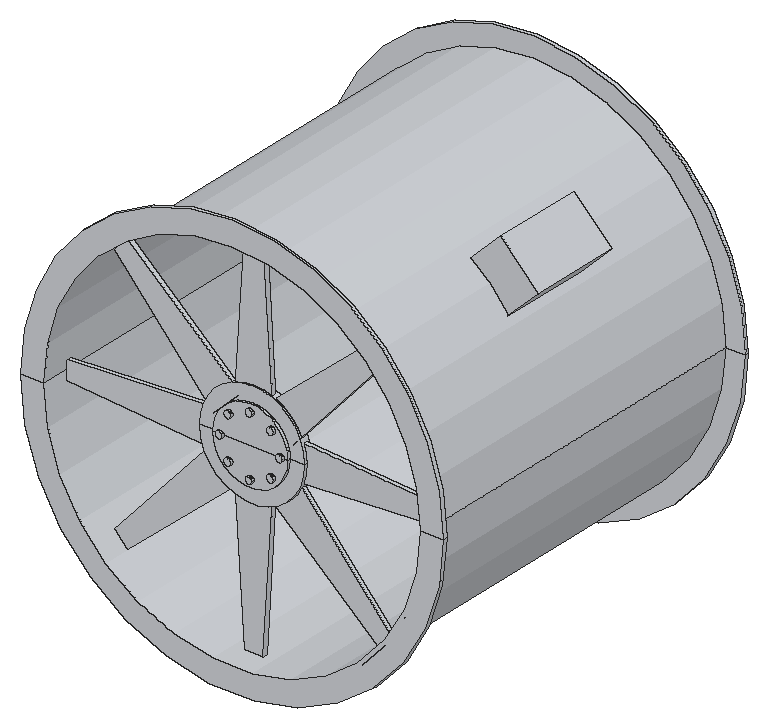
Revit family "CADS_Vent-Axia_MechEquip_Fan_LCA_560_3Ph2P - EXTRACT", category Mechanical Equipment, Revit 2020
Family settings
  Round Connector Dimension = Use Diameter
  Part Type = Normal
  OmniClass Number = 23.75.00.00
  OmniClass Title = Climate Control (HVAC)
  Work Plane-Based = No
  Always vertical = Yes
  Cut with Voids When Loaded = No
  Shared = No
  Room Calculation Point = No
Parameters (values of type "LCA563210")
  nr = NominalDiameter / 2  # 280 mm
  WorkingPressure = 0.0 Pa
  WarrantyStartDate [instance] = "1900-12-31T23:59:59"
  WarrantyPeriod = ""
  WarrantyIdentifier = "N/A"
  WarrantyGuarantorParts = "tech@vent-axia.com"
  WarrantyGuarantorLabor = "tech@vent-axia.com"
  WarrantyGuarantor = "Vent-Axia Limited"
  WarrantyEndDate [instance] = "1900-12-31T23:59:59"
  WarrantyContent = ""
  TemperatureRange = ""
  TagNumber [instance] = "N/A"
  SustainabilityPerformance = ""
  Status = "New"
  Size = ""
  Shape = ""
  ServiceLifeType = ""
  ServiceLifeDuration = ""
  SerialNumber [instance] = "N/A"
  ReplacementCost = ""
  RatedVoltage = 0 V
  RatedCurrent = 0 A
  Quantity = 1
  ProductionYear = ""
  PressureCurve = ""
  PowerFactor = ""
  PointOfContact = ""
  NumberOfPoles = 0
  NominalWidth = 560 mm
  NominalLength = 565 mm
  NominalHeight = 560 mm
  NominalFrequencyRange = ""
  NominalDiameter = 560 mm
  ModelReference = "LCAX 560mm 3PH 2P 10DEG"
  ModelNumber = "LCA563210"
  Material = ""
  ManufacturerE-Mail = "tech@vent-axia.com"
  ManufacturerAddress = "Fleming Way\nCrawley \nRH10 9YX"
  IsExtendedWarranty = no
  InsulationStandardClass = ""
  InstallationDate [instance] = "1900-12-31T23:59:59"
  IfcExportType [instance] = ""
  IfcExportAs = "IfcFanType"
  IP_Code = ""
  HasProtectiveEarth = no
  GrossWeight = 0.00 kg
  Grade = ""
  GlobalTradeItemNumber [instance] = "N/A"
  Fitting Type = "Ignore"
  Finish = ""
  Features = ""
  ExteriorInsulation = no
  ExpectedServiceLife = 0
  Exclusions = ""
  DurationUnit = "Year"
  Default Elevation = 0 mm
  Constituents = ""
  ConductorFunction = ""
  Color = ""
  CodePerformance = ""
  Category = ""
  CADS_Usage = 0
  CADS_Index = 0
  AssetType = "FIXED"
  AssetIdentifier [instance] = "N/A"
  AssemblyPlace = "UNKNOWN"
  ArticleNumber [instance] = "N/A"
  AirflowRateRange = 0.0 L/s
  Air Flow [instance] = 0.0 L/s
  AccessibilityPerformance = ""
Types (8, lengths in mm): name | ModelReference | ModelNumber
  LCA563210 | "LCAX 560mm 3PH 2P 10DEG" | "LCA563210"
  LCA563212 | "LCAX 560mm 3PH 2P 12DEG" | "LCA563212"
  LCA563214 | "LCAX 560mm 3PH 2P 14DEG" | "LCA563214"
  LCA563216 | "LCAX 560mm 3PH 2P 16DEG" | "LCA563216"
  LCA563218 | "LCAX 560mm 3PH 2P 18DEG" | "LCA563218"
  LCA563220 | "LCAX 560mm 3PH 2P 20DEG" | "LCA563220"
  LCA563222 | "LCAX 560mm 3PH 2P 22DEG" | "LCA563222"
  LCA563224 | "LCAX 560mm 3PH 2P 24DEG" | "LCA563224"
Reference planes
  plane 1 "Center (Front/Back)": y = 0
  plane 2: z = 0
  plane 3 "Center (Left/Right)": x = 0
  plane 4: x = -280
  plane 5: x = 280
  plane 6 "F": y = -282.5
  plane 7 "B": y = 282.5
  plane 8: x = -315
  plane 9: y = 277.5
  plane 10: y = -277.5
  plane 11: x = -285
  plane 12: y = -242.5
  plane 13 "top": z = 280
  plane 14: z = -280
  plane 15 "45deg": through (0, -1524, 0) normal (-0.7071, 0, -0.7071)
  plane 16 "C": through (0, -1524, 0) normal (-0.7071, 0, 0.7071)
Forms (mm)
  Revolve 1, solid
    sketch origin (0, 0, 0) x (1, 0, 0) y (0, 1, 0)
      loop
        line (-315, -282.5) -> (-280, -282.5) -> (-280, 282.5) -> (-315, 282.5) -> (-315, 277.5) -> (-285, 277.5) -> (-285, -277.5) -> (-315, -277.5) -> (-315, -282.5)
      axis (0, 282.5) -> (0, -282.5)
    angle from 0 to 360
  Sweep 2, solid
    path origin (0, 0, 0) x (1, 0, 0) y (0, 0, 1)
      loop
        line (197.99, 197.99) -> (243.952, 243.952)
    profile origin (220.971, 0, 220.971) x (-0.707107, 0, 0.707107) y (0, -1, 0)
      loop
        line (37.5, 55) -> (-42.73, 55) -> (-42.73, -79.5) -> (37.5, -79.5) -> (37.5, 55)
Dimensions and locks
  equal spacing: plane 4, plane 3 "Center (Left/Right)", plane 5
  equal spacing: plane 7 "B", plane 1 "Center (Front/Back)", plane 6 "F"
  "NominalLength": plane 7 "B" to plane 6 "F"
  "NominalDiameter": plane 4 to plane 5
  locked: plane 11 to plane 4 at 5
  locked: plane 8 to plane 11 at 30
  locked: plane 6 "F" to plane 10 at 5
  locked: plane 7 "B" to plane 9 at 5
  locked: plane 6 "F" to plane 12 at 40
  equal spacing: plane 13 "top", level, plane 14
  "NominalDiameter": plane 13 "top" to plane 14
  "nr": Sweep 2 sketch curve to nested 13
  Sweep 2 sketch curve to Sweep 2 sketch curve = 65 mm
  aligned and locked: level to plane 2
  aligned and locked: nested 1 to plane 12
Automatic sketch dimensions
  plane 6 "F" to Revolve 1 sketch curve = 0 mm
  Revolve 1 sketch curve to plane 8 = 0 mm  (x2)
  plane 10 to Revolve 1 sketch curve = 0 mm
  Revolve 1 sketch curve to plane 11 = 0 mm
  Revolve 1 sketch curve to plane 4 = 0 mm
  Revolve 1 sketch curve to plane 3 "Center (Left/Right)" = 0 mm
  plane 1 "Center (Front/Back)" to Revolve 1 sketch curve = 0 mm
  Revolve 1 sketch curve to plane 9 = 0 mm
  Revolve 1 sketch curve to plane 7 "B" = 0 mm
  plane 6 "F" to Revolve 1 sketch curve = 115 mm
  plane 1 "Center (Front/Back)" to Sweep 2 sketch curve = 55 mm
  Sweep 2 sketch curve to profile plane = 37.5 mm
  Sweep 2 sketch curve to Sweep 2 sketch curve = 80.23 mm
  Sweep 2 sketch curve to Sweep 2 sketch curve = 134.5 mm
  Sweep 2 sketch curve to plane 16 "C" = 0 mm  (x2)
Nested families
  nested 1: "Fan for ESC" at (0, -242.5, 0), ND <- "NominalDiameter", type "Fan for ESC"
    with hub 56 mm, ND 560 mm, BoltPCD 44.8 mm, Bolt Count 8, B_Diam 10 mm
  nested 2: "Bolts" at (0, -251.672, -44.8) x (-1, 0, 0) z (0, 1, 0), type "Bolts"
    with bd 10 mm
  nested 3: "Bolts" at (-31.678, -251.672, -31.678) x (-0.7071, 0, 0.7071) z (0, 1, 0), type "Bolts"
    with bd 10 mm
  nested 4: "Bolts" at (-44.8, -251.672, 0) x (0, 0, 1) z (0, 1, 0), type "Bolts"
    with bd 10 mm
  nested 5: "Bolts" at (-31.678, -251.672, 31.678) x (0.7071, 0, 0.7071) z (0, 1, 0), type "Bolts"
    with bd 10 mm
  nested 6: "Bolts" at (31.678, -251.672, 31.678) x (0.7071, 0, -0.7071) z (0, 1, 0), type "Bolts"
    with bd 10 mm
  nested 7: "Bolts" at (0, -251.672, 44.8) x (1, 0, 0) z (0, 1, 0), type "Bolts"
    with bd 10 mm
  nested 8: "ESC Blade" at (0, -242.5, 0), type "ESC Blade"
    with a 20.00°, HR 56 mm, HD 112 mm, BT 28 mm, BR 224 mm, BH 40 mm, BD 560 mm, BB 56 mm
  nested 9: "ESC Blade" at (0, -242.5, 0) x (0.7071, 0, -0.7071) z (0.7071, 0, 0.7071), type "ESC Blade"
    with a 20.00°, HR 56 mm, HD 112 mm, BT 28 mm, BR 224 mm, BH 40 mm, BD 560 mm, BB 56 mm
  nested 10: "ESC Blade" at (0, -242.5, 0) x (0, 0, -1) z (1, 0, 0), type "ESC Blade"
    with a 20.00°, HR 56 mm, HD 112 mm, BT 28 mm, BR 224 mm, BH 40 mm, BD 560 mm, BB 56 mm
  nested 11: "ESC Blade" at (0, -242.5, 0) x (-0.7071, 0, -0.7071) z (0.7071, 0, -0.7071), type "ESC Blade"
    with a 20.00°, HR 56 mm, HD 112 mm, BT 28 mm, BR 224 mm, BH 40 mm, BD 560 mm, BB 56 mm
  nested 12: "ESC Blade" at (0, -242.5, 0) x (-1, 0, 0) z (0, 0, -1), type "ESC Blade"
    with a 20.00°, HR 56 mm, HD 112 mm, BT 28 mm, BR 224 mm, BH 40 mm, BD 560 mm, BB 56 mm
  nested 13: "ESC Blade" at (0, -242.5, 0) x (-0.7071, 0, -0.7071) z (-0.7071, 0, 0.7071), type "ESC Blade"
    with a 20.00°, HR 56 mm, HD 112 mm, BT 28 mm, BR 224 mm, BH 40 mm, BD 560 mm, BB 56 mm
  nested 14: "ESC Blade" at (0, -242.5, 0) x (0, 0, -1) z (-1, 0, 0), type "ESC Blade"
    with a 20.00°, HR 56 mm, HD 112 mm, BT 28 mm, BR 224 mm, BH 40 mm, BD 560 mm, BB 56 mm
  nested 15: "ESC Blade" at (0, -242.5, 0) x (0.7071, 0, -0.7071) z (-0.7071, 0, -0.7071), type "ESC Blade"
    with a 20.00°, HR 56 mm, HD 112 mm, BT 28 mm, BR 224 mm, BH 40 mm, BD 560 mm, BB 56 mm
  nested 16: "Bolts" at (44.8, -251.672, 0) x (0, 0, -1) z (0, 1, 0), type "Bolts"
    with bd 10 mm
  nested 17: "Bolts" at (31.678, -251.672, -31.678) x (-0.7071, 0, -0.7071) z (0, 1, 0), type "Bolts"
    with bd 10 mm
Connectors
  hvac at (0, -282.5, 0), driven by "NominalDiameter", driven by "Air Flow"
    settings: on Revolve 1, index 1, duct flow 0.0 L/s, flow factor 0, pres drop 0.0 Pa, loss coef 0, conn angle 0.00°, conn width 304.8 mm, conn height 304.8 mm, conn diameter 560 mm, duct sys type 2, conn prof type 0, flow config 0, flow direction 1, loss method 0, conn ref index -1, conn util no, is conn primary yes, conn desc ""
  hvac at (0, 282.5, 0), driven by "NominalDiameter", driven by "Air Flow"
    settings: on Revolve 1, index 2, duct flow 0.0 L/s, flow factor 0, pres drop 0.0 Pa, loss coef 0, conn angle 0.00°, conn width 304.8 mm, conn height 304.8 mm, conn diameter 560 mm, duct sys type 3, conn prof type 0, flow config 1, flow direction 2, loss method 0, conn ref index -1, conn util no, is conn primary no, conn desc ""
Definition of nested family "Fan for ESC"
  Parameters (values of type "Fan for ESC")
    hub [instance] = ND / 10  # 56.7 mm
    ND [instance] = 567 mm
    Model = "."
    Default Elevation = 0 mm
    BoltPCD [instance] = hub - (hub * 0.2)  # 45.36 mm
    Bolt Count [instance] = if(hub < 50 mm, 6, 8)  # 8
    B_Diam [instance] = if(hub < 50 mm, 5 mm, 10 mm)  # 10 mm
  Reference planes
    plane 1 "Center (Front/Back)": y = 0
    plane 2: z = 0
    plane 3 "Center (Left/Right)": x = 0
    plane 4 "back": y = 20
    plane 5 "bolts": y = -9.172
    plane 6 "B": z = 56.7
    plane 7: x = -79.287
    plane 8: x = -56.7
    plane 9 "hubface": y = -6.172
  Forms (mm)
    Revolve 1, solid
      sketch origin (0, 0, 0) x (1, 0, 0) y (0, 1, 0)
        loop
          line (0, 20) -> (-56.7, 20) -> (-56.7, 10.504) -> (-79.287, 10.504) -> (-79.287, -2.597) -> (-56.7, -2.597) -> (-56.7, -6.172) -> (0, -6.172) -> (0, 20)
        axis (0, 20) -> (0, -6.172)
      angle from 0 to 360
    Extrusion 2, solid, not visible
      sketch origin (0, -6.347, -4) x (-1, 0, 0) y (0, 0, 1)
        loop
          circle (0, 84) r 5
      from 0 to 3
  Lines and regions (mm)
    symbolic lines
      curve 1: circle (0, -9.172, 0) r 45.36 normal (0, 1, 0)
    model lines, not visible
      curve 2: line (0, -6.347, 85) -> (0, -6.347, 75)
  Dimensions and locks
    "hub": plane 6 "B" to plane 2
    "hub": nested 3 to plane 3 "Center (Left/Right)"
    "hub": nested 4 to plane 3 "Center (Left/Right)"
    "hub": nested 5 to plane 3 "Center (Left/Right)"
    "hub": plane 3 "Center (Left/Right)" to nested 6
    "hub": Revolve 1 sketch curve to Revolve 1 sketch curve
    "hub": plane 3 "Center (Left/Right)" to nested 7
    "hub": plane 3 "Center (Left/Right)" to nested 8
    "hub": plane 3 "Center (Left/Right)" to nested 9
    "hub": plane 8 to plane 3 "Center (Left/Right)"
    plane 7 to plane 8 = 22.587 mm
    diameter of Extrusion 2 sketch curve = 10 mm
    "BoltPCD": radius of curve 1
    "BoltPCD": radius of radial array
    aligned and locked: level to plane 2
    aligned and locked: plane 6 "B" to nested 1
  Automatic sketch dimensions
    Revolve 1 sketch curve to plane 7 = 0 mm
    Revolve 1 sketch curve to plane 8 = 0 mm  (x2)
    Revolve 1 sketch curve to plane 3 "Center (Left/Right)" = 0 mm
    Revolve 1 sketch curve to plane 9 "hubface" = 0 mm
    plane 4 "back" to Revolve 1 sketch curve = 0 mm
    plane 1 "Center (Front/Back)" to Revolve 1 sketch curve = 2.597 mm
    plane 4 "back" to Revolve 1 sketch curve = 9.496 mm
    Revolve 1 sketch curve to Revolve 1 sketch curve = 5 mm
    Revolve 1 sketch curve to plane 4 "back" = 45 mm
    curve 1 to level = 0 mm
    curve 1 to plane 3 "Center (Left/Right)" = 0 mm
  Nested families
    nested 1: "ESC Blade" at (0, 0, 0), BD <- "ND", HD <- "hub", type "ESC Blade"
      with a 20.00°, HR 56.7 mm, HD 113.4 mm, BT 28.35 mm, BR 226.8 mm, BH 40 mm, BD 567 mm, BB 56.7 mm
    nested 2: "ESC Blade" at (0, 0, 755), BD <- "ND", HD <- "hub", type "ESC Blade", not visible
      with a 20.00°, HR 56.7 mm, HD 113.4 mm, BT 28.35 mm, BR 226.8 mm, BH 40 mm, BD 567 mm, BB 56.7 mm
    nested 3: "ESC Blade" at (0, 0, 0) x (0.7071, 0, -0.7071) z (0.7071, 0, 0.7071), BD <- "ND", HD <- "hub", type "ESC Blade"
      with a 20.00°, HR 56.7 mm, HD 113.4 mm, BT 28.35 mm, BR 226.8 mm, BH 40 mm, BD 567 mm, BB 56.7 mm
    nested 4: "ESC Blade" at (0, 0, 0) x (0, 0, -1) z (1, 0, 0), BD <- "ND", HD <- "hub", type "ESC Blade"
      with a 20.00°, HR 56.7 mm, HD 113.4 mm, BT 28.35 mm, BR 226.8 mm, BH 40 mm, BD 567 mm, BB 56.7 mm
    nested 5: "ESC Blade" at (0, 0, 0) x (-0.7071, 0, -0.7071) z (0.7071, 0, -0.7071), BD <- "ND", HD <- "hub", type "ESC Blade"
      with a 20.00°, HR 56.7 mm, HD 113.4 mm, BT 28.35 mm, BR 226.8 mm, BH 40 mm, BD 567 mm, BB 56.7 mm
    nested 6: "ESC Blade" at (0, 0, 0) x (-1, 0, 0) z (0, 0, -1), BD <- "ND", HD <- "hub", type "ESC Blade"
      with a 20.00°, HR 56.7 mm, HD 113.4 mm, BT 28.35 mm, BR 226.8 mm, BH 40 mm, BD 567 mm, BB 56.7 mm
    nested 7: "ESC Blade" at (0, 0, 0) x (-0.7071, 0, -0.7071) z (-0.7071, 0, 0.7071), BD <- "ND", HD <- "hub", type "ESC Blade"
      with a 20.00°, HR 56.7 mm, HD 113.4 mm, BT 28.35 mm, BR 226.8 mm, BH 40 mm, BD 567 mm, BB 56.7 mm
    nested 8: "ESC Blade" at (0, 0, 0) x (0, 0, -1) z (-1, 0, 0), BD <- "ND", HD <- "hub", type "ESC Blade"
      with a 20.00°, HR 56.7 mm, HD 113.4 mm, BT 28.35 mm, BR 226.8 mm, BH 40 mm, BD 567 mm, BB 56.7 mm
    nested 9: "ESC Blade" at (0, 0, 0) x (0.7071, 0, -0.7071) z (-0.7071, 0, -0.7071), BD <- "ND", HD <- "hub", type "ESC Blade"
      with a 20.00°, HR 56.7 mm, HD 113.4 mm, BT 28.35 mm, BR 226.8 mm, BH 40 mm, BD 567 mm, BB 56.7 mm
    nested 10: "Bolts" at (0, -9.172, 45.36) x (1, 0, 0) z (0, 1, 0), bd <- "B_Diam", type "Bolts"
      with bd 10 mm
    nested 11: "Bolts" at (32.074, -9.172, 32.074) x (0.7071, 0, -0.7071) z (0, 1, 0), bd <- "B_Diam", type "Bolts"
      with bd 10 mm
    nested 12: "Bolts" at (-32.074, -9.172, 32.074) x (0.7071, 0, 0.7071) z (0, 1, 0), bd <- "B_Diam", type "Bolts"
      with bd 10 mm
    nested 13: "Bolts" at (-45.36, -9.172, 0) x (0, 0, 1) z (0, 1, 0), bd <- "B_Diam", type "Bolts"
      with bd 10 mm
    nested 14: "Bolts" at (-32.074, -9.172, -32.074) x (-0.7071, 0, 0.7071) z (0, 1, 0), bd <- "B_Diam", type "Bolts"
      with bd 10 mm
    nested 15: "Bolts" at (0, -9.172, -45.36) x (-1, 0, 0) z (0, 1, 0), bd <- "B_Diam", type "Bolts"
      with bd 10 mm
    nested 16: "Bolts" at (32.074, -9.172, -32.074) x (-0.7071, 0, -0.7071) z (0, 1, 0), bd <- "B_Diam", type "Bolts"
      with bd 10 mm
    nested 17: "Bolts" at (45.36, -9.172, 0) x (0, 0, -1) z (0, 1, 0), bd <- "B_Diam", type "Bolts"
      with bd 10 mm
  Definition of nested family "ESC Blade"
    Parameters (values of type "ESC Blade")
      a [instance] = 20.00°
      HR [instance] = HD / 2  # 30 mm
      HD [instance] = BD / 5  # 60 mm
      Default Elevation = 1219.2 mm
      BT [instance] = BD / 20  # 15 mm
      BR [instance] = (BD / 2) - HR  # 120 mm
      BH [instance] = 40 mm
      BD [instance] = 300 mm
      BB [instance] = BD / 10  # 30 mm
    Reference planes
      plane 1 "Center (Front/Back)": y = 0
      plane 2: z = 0
      plane 3 "Center (Left/Right)": x = 0
      plane 4 "Blade Bot": z = 30
      plane 5: x = -15
      plane 6: x = 15
      plane 7: x = -7.5
      plane 8: x = 7.5
    Forms (mm)
      Blend 1, solid
        base sketch origin (0, 0, 30) x (-1, 0, 0) y (0, -1, 0)
          loop
            line (15, 0) -> (-15, 0) -> (-15, -6) -> (15, -6) -> (15, 0)
        top sketch origin (0, 0, 30) x (-1, 0, 0) y (0, -1, 0)
          loop
            line (7.5, -6) -> (7.5, 0) -> (-7.5, 0) -> (-7.5, -6) -> (7.5, -6)
        from 0 to 120 <- "BR"
    Dimensions and locks
      "HR": plane 4 "Blade Bot" to level
      equal spacing: plane 8, plane 3 "Center (Left/Right)", plane 7
      "BT": plane 8 to plane 7
      equal spacing: plane 6, plane 3 "Center (Left/Right)", plane 5
      "BB": plane 6 to plane 5
      aligned and locked: level to plane 2
    Automatic sketch dimensions
      plane 1 "Center (Front/Back)" to Blend 1 sketch curve = 0 mm  (x2)
      Blend 1 sketch curve to plane 6 = 0 mm
      Blend 1 sketch curve to plane 5 = 0 mm
      Blend 1 sketch curve to plane 1 "Center (Front/Back)" = 6 mm  (x2)
      Blend 1 sketch curve to plane 8 = 0 mm
      Blend 1 sketch curve to plane 7 = 0 mm
  Definition of nested family "Bolts"
    Parameters
      bd [instance] = 10 mm
      Default Elevation = 1219.2 mm
    Reference planes
      plane 1 "Center (Front/Back)": y = 0
      plane 2: z = 0
      plane 3 "Center (Left/Right)": x = 0
    Forms (mm)
      Extrusion 1, solid
        sketch origin (0, 0, 0) x (1, 0, 0) y (0, 1, 0)
          loop
            line (-1219.2, 1219.2) -> (-1219.2, -1219.2) -> (1219.2, -1219.2) -> (1219.2, 1219.2) -> (-1219.2, 1219.2)
        from 0 to -304.8
      Extrusion 2, solid
        sketch origin (0, 0, 0) x (1, 0, 0) y (0, 1, 0)
          loop
            circle (0, 0) r 5
        from 0 to 3
    Dimensions and locks
      "bd": diameter of Extrusion 2 sketch curve
      aligned and locked: plane 2 to Extrusion 1
      aligned and locked: level to Extrusion 1
    Automatic sketch dimensions
      Extrusion 1 sketch curve to Extrusion 1 sketch curve = 2438.4 mm  (x2)
      plane 1 "Center (Front/Back)" to Extrusion 2 sketch curve = 0 mm
      Extrusion 2 sketch curve to plane 3 "Center (Left/Right)" = 0 mm
Definition of nested family "Bolts"
  Parameters
    bd [instance] = 10 mm
    Default Elevation = 1219.2 mm
  Reference planes
    plane 1 "Center (Front/Back)": y = 0
    plane 2: z = 0
    plane 3 "Center (Left/Right)": x = 0
  Forms (mm)
    Extrusion 1, solid
      sketch origin (0, 0, 0) x (1, 0, 0) y (0, 1, 0)
        loop
          line (-1219.2, 1219.2) -> (-1219.2, -1219.2) -> (1219.2, -1219.2) -> (1219.2, 1219.2) -> (-1219.2, 1219.2)
      from 0 to -304.8
    Extrusion 2, solid
      sketch origin (0, 0, 0) x (1, 0, 0) y (0, 1, 0)
        loop
          circle (0, 0) r 5
      from 0 to 3
  Dimensions and locks
    "bd": diameter of Extrusion 2 sketch curve
    aligned and locked: plane 2 to Extrusion 1
    aligned and locked: level to Extrusion 1
  Automatic sketch dimensions
    Extrusion 1 sketch curve to Extrusion 1 sketch curve = 2438.4 mm  (x2)
    plane 1 "Center (Front/Back)" to Extrusion 2 sketch curve = 0 mm
    Extrusion 2 sketch curve to plane 3 "Center (Left/Right)" = 0 mm
Definition of nested family "ESC Blade"
  Parameters (values of type "ESC Blade")
    a [instance] = 20.00°
    HR [instance] = HD / 2  # 30 mm
    HD [instance] = BD / 5  # 60 mm
    Default Elevation = 1219.2 mm
    BT [instance] = BD / 20  # 15 mm
    BR [instance] = (BD / 2) - HR  # 120 mm
    BH [instance] = 40 mm
    BD [instance] = 300 mm
    BB [instance] = BD / 10  # 30 mm
  Reference planes
    plane 1 "Center (Front/Back)": y = 0
    plane 2: z = 0
    plane 3 "Center (Left/Right)": x = 0
    plane 4 "Blade Bot": z = 30
    plane 5: x = -15
    plane 6: x = 15
    plane 7: x = -7.5
    plane 8: x = 7.5
  Forms (mm)
    Blend 1, solid
      base sketch origin (0, 0, 30) x (-1, 0, 0) y (0, -1, 0)
        loop
          line (15, 0) -> (-15, 0) -> (-15, -6) -> (15, -6) -> (15, 0)
      top sketch origin (0, 0, 30) x (-1, 0, 0) y (0, -1, 0)
        loop
          line (7.5, -6) -> (7.5, 0) -> (-7.5, 0) -> (-7.5, -6) -> (7.5, -6)
      from 0 to 120 <- "BR"
  Dimensions and locks
    "HR": plane 4 "Blade Bot" to level
    equal spacing: plane 8, plane 3 "Center (Left/Right)", plane 7
    "BT": plane 8 to plane 7
    equal spacing: plane 6, plane 3 "Center (Left/Right)", plane 5
    "BB": plane 6 to plane 5
    aligned and locked: level to plane 2
  Automatic sketch dimensions
    plane 1 "Center (Front/Back)" to Blend 1 sketch curve = 0 mm  (x2)
    Blend 1 sketch curve to plane 6 = 0 mm
    Blend 1 sketch curve to plane 5 = 0 mm
    Blend 1 sketch curve to plane 1 "Center (Front/Back)" = 6 mm  (x2)
    Blend 1 sketch curve to plane 8 = 0 mm
    Blend 1 sketch curve to plane 7 = 0 mm
